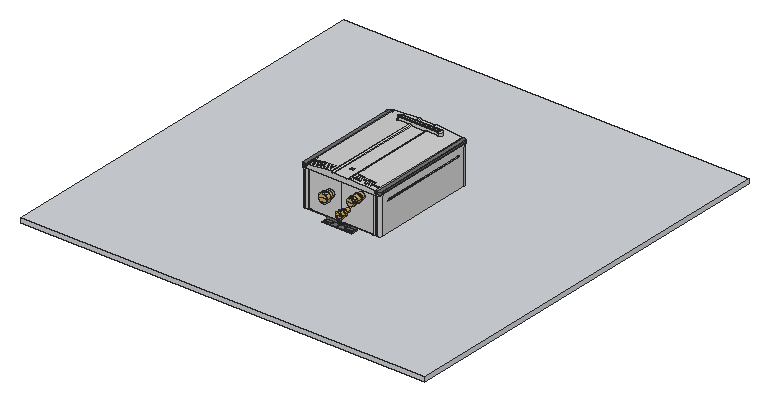
Revit family "Water_Heater-Rinnai-Ultra-Condensing-Tankless-RUS65e", category Mechanical Equipment, host Face, Revit 2012 (continued)
Definition of nested family "Pipes"
  Lines and regions (in)
    Masking region 4, detail levels fine
      outline origin (0, 0, 0) x (0, 1, 0) y (0, 0, 1)
        loop
          line (-1.50681, 3.04625) -> (-1.45342, 2.9574)
          arc (-1.45342, 2.9574) -> (-1.43704, 2.94264) -> (-1.41565, 2.93731) r 0.04557
          line (-1.41565, 2.93731) -> (-0.77545, 2.93731)
          arc (-0.77545, 2.93731) -> (-0.74067, 2.94158) -> (-0.70755, 2.95299) r 0.1676
          line (-0.70755, 2.95299) -> (-0.60915, 2.99887)
          arc (-0.60915, 2.99887) -> (-0.57369, 3.01143) -> (-0.53632, 3.01568) r 0.16613
          line (-0.53632, 3.01568) -> (-0.04629, 3.01568)
          arc (-0.04629, 3.01568) -> (-0.01356, 3.02924) -> (0, 3.06198) r 0.04629
          line (0, 3.06198) -> (0, 3.34503)
          arc (0, 3.34503) -> (0.01125, 3.36862) -> (0.03557, 3.3782) r 0.03566
          line (0.03557, 3.3782) -> (1.33858, 3.3782) -> (1.33858, 4.13166)
    Masking region 5, detail levels coarse+medium
      outline origin (0, 0, 0) x (1, 0, 0) y (0, 1, 0)
        loop
          line (-3.7117, 1.33858) -> (-3.7117, -0.9459) -> (-1.42837, -0.9459) -> (-1.42837, 1.33858) -> (-3.7117, 1.33858)
        loop
          line (0.83051, 1.33858) -> (0.83051, -1.52012) -> (2.46606, -1.52012) -> (2.46606, 1.33858) -> (0.83051, 1.33858)
        loop
          line (3.81497, 1.33858) -> (3.81497, -1.9303) -> (5.5883, -1.9303) -> (5.5883, 1.33858) -> (3.81497, 1.33858)
    Masking region 6, detail levels coarse+medium
      outline origin (0, 0, 0) x (0, 1, 0) y (0, 0, 1)
        loop
          line (1.33858, 8.70923) -> (-1.9328, 8.70923) -> (-1.9328, 6.93495) -> (1.33858, 6.93495) -> (1.33858, 8.70923)
        loop
          line (1.33858, 6.87027) -> (-0.94512, 6.87027) -> (-0.94512, 4.59064) -> (1.33858, 4.59064) -> (1.33858, 6.87027)
        loop
          line (1.33858, 4.57335) -> (-1.52088, 4.57335) -> (-1.52088, 2.93724) -> (1.33858, 2.93724) -> (1.33858, 4.57335)
    symbolic lines, style "Water Heater", detail levels fine
      curve 1: line (-3.41642, 0.72441, 0) -> (-1.7228, 0.72441, 0)
      curve 2: line (-3.54097, 0.04753, 0) -> (-1.63369, 0.04753, 0)
      curve 3: line (1.237, 0, 0) -> (2.05957, 0, 0)
      curve 4: line (4.02453, 0.44515, 0) -> (5.37873, 0.44515, 0)
      curve 5: line (3.87007, -0.96244, 0) -> (5.53368, -0.96244, 0)
      curve 6: circle (4.70163, 0, 7.82256) r 0.8 normal (0, -1, 0)
      curve 7: circle (4.70163, 0, 7.82256) r 0.75 normal (0, -1, 0)
      curve 8: line (0, 0.72441, 4.88486) -> (0, 0.72441, 6.57826)
      curve 9: line (0, 0.04595, 6.6658) -> (0, 0.04595, 4.79698)
      curve 10: line (0, 0, 4.16483) -> (0, 0, 3.34503)
      curve 11: line (0, 0.4452, 8.49744) -> (0, 0.4452, 7.14325)
      curve 12: line (0, -0.96244, 8.65223) -> (0, -0.96244, 6.98845)
      curve 13: circle (-2.57004, 0, 5.73209) r 1 normal (0, -1, 0)
    symbolic lines, style "Water Heater"
      curve 14: line (0, -1.44122, 4.57262) -> (0, -1.44122, 2.93724)
  Dimensions and locks (in)
    aligned and locked: plane 2 to level
